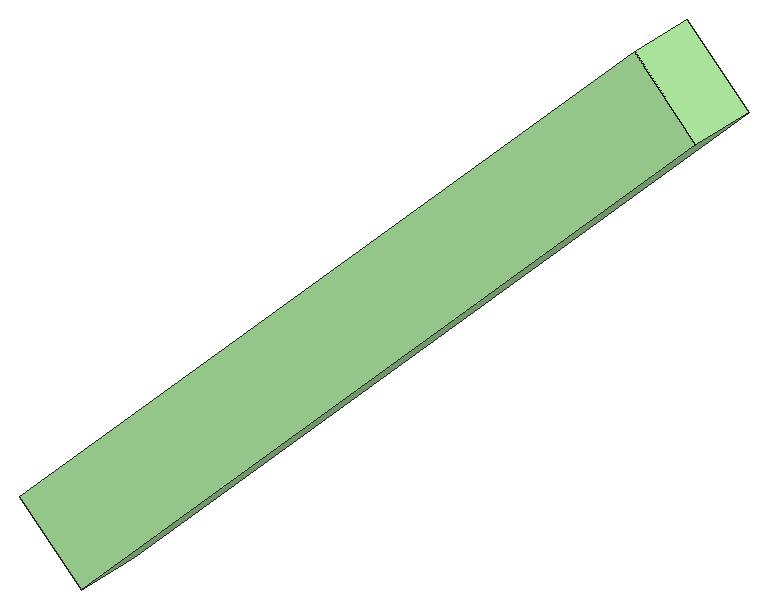
Revit family "ダクトサポート_不等辺山形鋼", category Generic Models, Revit 2020
Family settings
  Can host rebar = No
  Round Connector Dimension = Use Diameter
  Part Type = Normal
  Work Plane-Based = Yes
  Always vertical = No
  Cut with Voids When Loaded = No
  Shared = No
  Room Calculation Point = No
Parameters (values of type "L 100 x 75")
  高さ = 100 mm
  長辺 [instance] = 長さ  # 1000 mm
  長さ [instance] = 1000 mm
  部屋名 = ""
  角度 [instance] = 45.00°
  Default Elevation = 1219.2 mm
  構造マテリアル = E202_ダクトサポート
  幅 = 75 mm
Types (6, lengths in mm): name | 高さ | 幅
  L 100 x 75 | 100 | 75
  L 125 x 75 | 125 | 75
  L 125 x 90 | 125 | 90
  L 150 x 100 | 150 | 100
  L 150 x 90 | 150 | 90
  L 90 x 75 | 90 | 75
Reference planes
  plane 1 "中心(正面/背面)": y = 0
  plane 2: z = 0
  plane 3 "中心(左/右)": x = 0
Lines and regions (mm)
  reference lines
    curve 1: line (0, 0, 0) -> (848.528, 0, 848.528)
    curve 2: line (35.355, 0, -35.355) -> (-35.355, 0, 35.355)
    curve 3: line (742.462, 0, 671.751) -> (671.751, 0, 742.462)
Dimensions and locks
  equal spacing: curve 2, curve 1, curve 2
  "高さ": curve 2 to curve 2
  equal spacing: curve 3, curve 1, curve 3
  "高さ": curve 3 to curve 3
  "長さ": curve 2 to curve 3
  "角度": angle level to curve 1
  angle curve 2 to curve 1 = 90.00°
  angle curve 3 to curve 1 = 90.00°
  aligned and locked: level to plane 2
  aligned and locked: level to curve 1
  aligned and locked: plane 3 "中心(左/右)" to curve 1
  aligned and locked: curve 2 to nested 1
  aligned and locked: nested 1 to curve 1
Nested families
  nested 1: "グレーチング_不等辺山形鋼" at (-35.355, 0, 35.355) x (0, 1, 0) z (0.7071, 0, -0.7071), 長さ <- "長さ", type "L 90 x 75"
    with 長辺 1000 mm, 長さ 1000 mm, 高さ 100 mm
Definition of nested family "グレーチング_不等辺山形鋼"
  Parameters (values of type "L 125 x 75")
    高さ = 125 mm
    長辺 [instance] = 長さ  # 1000 mm
    長さ [instance] = 1000 mm
    部屋名 = ""
    Default Elevation = 1219.2 mm
    構造マテリアル = none
    幅 = 75 mm
  Types (6, lengths in mm): name | 高さ | 幅
    L 90 x 75 | 90 | 75
    L 100 x 75 | 100 | 75
    L 125 x 75 | 125 | 75
    L 125 x 90 | 125 | 90
    L 150 x 90 | 150 | 90
    L 150 x 100 | 150 | 100
  Reference planes
    plane 1 "中心(正面/背面)": y = 0
    plane 2: z = 0
    plane 3 "中心(左/右)": x = 0
    plane 4: z = 125
    plane 5: z = 62.5
  Forms (mm)
    Extrusion 1, solid, material <- "構造マテリアル"
      sketch origin (0, 0, 0) x (1, 0, 0) y (0, 1, 0)
        loop
          line (-37.5, 1000) -> (-37.5, 0) -> (37.5, 0) -> (37.5, 1000) -> (-37.5, 1000)
      from 0 to 125
  Lines and regions (mm)
    reference lines
      curve 1: line (37.5, 1000, 0) -> (-37.5, 1000, 0)
      curve 2: line (37.5, 0, 0) -> (-37.5, 0, 0)
  Dimensions and locks
    "長さ": curve 1 to curve 2
    "幅": Extrusion 1 to Extrusion 1
    equal spacing: Extrusion 1, plane 3 "中心(左/右)", Extrusion 1
    "幅": curve 1 to curve 1
    equal spacing: curve 1, plane 3 "中心(左/右)", curve 1
    "幅": curve 2 to curve 2
    equal spacing: curve 2, plane 3 "中心(左/右)", curve 2
    equal spacing: plane 4, plane 5, level
    "高さ": plane 4 to level
    aligned and locked: level to plane 2
    aligned and locked: Extrusion 1 to curve 2
    aligned and locked: curve 1 to Extrusion 1
    aligned and locked: plane 4 to Extrusion 1
  Automatic sketch dimensions
    Extrusion 1 sketch curve to plane 3 "中心(左/右)" = 37.5 mm
    plane 3 "中心(左/右)" to Extrusion 1 sketch curve = 37.5 mm
    plane 1 "中心(正面/背面)" to Extrusion 1 sketch curve = 0 mm
    Extrusion 1 sketch curve to plane 1 "中心(正面/背面)" = 1000 mm
    plane 1 "中心(正面/背面)" to curve 2 = 0 mm
